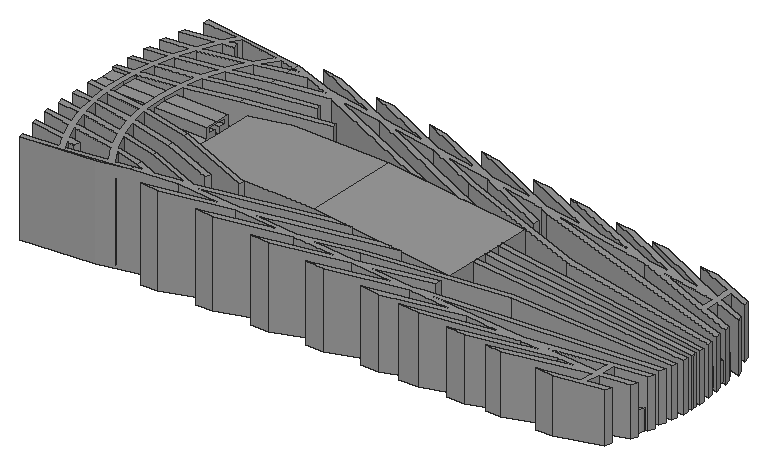
Revit family "Superstreet 250", category Осветительные приборы, Revit 2017 (continued)
Types (11, lengths in mm): name | built-in parameter 1150134 | Файл фотометрической сетки | built-in parameter 1150105 | Lumens | Apparent Load | built-in parameter 1150106 | built-in parameter 1150142 | Wattage | built-in parameter 1150107 | Артикул
  Superstreet 250 5.0К Ш13 | 2 | "Superstreet 250-202-LLI13-5.0K-01.ies" | 2145.1 (stored number, unit not read) | 26956 lm | 202 VA | 21.451 (stored number, unit not read) | "ISNA:LM-63-1995\r\n[TEST]LEDEL\r\n[DATA]22.11.2018\r\n[MANUFAC]LEDEL\r\n[LUMCAT]Superstreet 250/202/Ш13/5.0K/01\r\n[LUMINAIRE]Для освещения дорог категорий А и Б, городских улиц и площадей\r\n[LAMPCAT]LED\r\n[LAMP]OSRAM OSLON SQUARE3\r\nTILT=NONE\r\n\r\n1 26956 1.41918500579 37 37 1 2 0.636 0.256 0.100\r\n1 1 202\r\n\r\n0 2.5 5 7.5 10 12.5 15 17.5 20 22.5 25 27.5 30 32.5 35 37.5 40 42.5 45 47.5\r\n 50 52.5 55 57.5 60 62.5 65 67.5 70 72.5 75 77.5 80 82.5 85 87.5 90\r\n\r\n90 95 100 105 110 115 120 125 130 135 140 145 150 155 160 165 170 175 180\r\n 185 190 195 200 205 210 215 220 225 230 235 240 245 250 255 260 265 270\r\n\r\n  6235 5721 5230 4749 4277 3754 3242 2810 2529 2300 2116 1966 1809 1658 1539\r\n  1403 1314 1189 1073 1066 1246 1261 1126 1039 1021 1006 1013 1017 953 799\r\n  548 379 226 121 53 27 23\r\n  6175 5646 5170 4701 4217 3699 3174 2780 2484 2285 2094 1951 1786 1640 1531\r\n  1403 1284 1171 1051 1107 1246 1216 1111 1024 991 1006 1013 999 901 766\r\n  511 349 211 106 38 31 16\r\n  6235 5721 5223 4776 4292 3774 3234 2817 2514 2288 2094 1951 1816 1681 1546\r\n  1426 1276 1148 1066 1062 1216 1231 1111 1024 1006 1006 1006 1006 938 784\r\n  571 379 256 136 46 27 8\r\n  6416 5886 5403 4956 4487 4026 3489 2997 2672 2431 2221 2056 1899 1771 1621\r\n  1475 1336 1216 1103 1024 1141 1264 1156 1036 968 964 991 953 901 781\r\n  593 376 263 139 61 19 16\r\n  6258 5743 5290 4839 4397 3936 3399 2975 2642 2431 2229 2060 1899 1768 1629\r\n  1471 1314 1216 1096 1051 1103 1216 1171 1036 961 931 916 901 863 766\r\n  638 451 263 132 46 27 23\r\n  6416 5908 5455 5031 4592 4164 3677 3204 2837 2597 2364 2195 2034 1880 1726\r\n  1591 1441 1291 1178 1051 1013 1111 1141 1073 976 886 841 852 811 766\r\n  676 514 316 136 53 27 16\r\n  6378 5901 5463 5038 4637 4221 3759 3294 2912 2645 2446 2266 2116 1951 1801\r\n  1651 1486 1328 1208 1099 1006 1006 1058 1051 976 901 796 732 721 691\r\n  631 514 316 151 61 31 8\r\n 6281 5833 5433 5061 4675 4299 3887 3455 3054 2769 2552 2386 2206 2045 1884\r\n  1715 1554 1385 1231 1114 1028 961 961 961 916 859 781 706 631 589\r\n  518 421 241 121 46 31 16\r\n  6326 5920 5515 5169 4817 4472 4090 3672 3294 2960 2709 2522 2341 2153 1996\r\n  1816 1651 1493 1336 1189 1066 976 931 886 848 811 751 679 608 529\r\n  466 361 218 121 46 31 31\r\n   6371 5976 5620 5271 4967 4652 4315 3962 3564 3212 2912 2687 2469 2296 2124\r\n  1951 1786 1610 1456 1294 1171 1036 938 856 796 766 713 676 593 526\r\n  443 323 196 106 46 31 31\r\n  6386 6036 5710 5399 5095 4821 4555 4236 3925 3579 3219 2957 2702 2491 2296\r\n  2120 1951 1786 1599 1430 1269 1118 968 859 781 721 683 634 586 481\r\n  383 271 166 102 46 31 31\r\n  6386 6066 5793 5523 5268 5031 4787 4532 4262 3977 3632 3294 3002 2762 2537\r\n  2356 2146 1955 1771 1610 1411 1261 1081 934 826 743 683 642 571 488\r\n  383 271 181 106 46 34 31\r\n  6483 6201 5943 5691 5470 5245 5043 4821 4615 4371 4105 3812 3512 3200 2934\r\n  2690 2454 2225 2034 1823 1614 1426 1216 1062 946 856 788 706 616 511\r\n  383 274 181 109 46 42 38\r\n  6476 6228 6003 5808 5628 5459 5283 5103 4915 4727 4502 4281 4037 3782 3497\r\n  3215 2964 2705 2454 2210 1966 1726 1501 1318 1193 1126 1058 961 826 634\r\n  443 301 203 121 61 46 46\r\n  6416 6231 6048 5913 5763 5643 5493 5373 5238 5079 4937 4772 4570 4386 4172\r\n  3951 3714 3452 3182 2897 2604 2318 2071 1895 1816 1778 1771 1610 1238 769\r\n  443 301 203 121 91 46 38\r\n  6461 6318 6183 6078 5973 5883 5793 5691 5583 5489 5343 5223 5088 4914 4742\r\n  4566 4390 4187 3955 3695 3444 3200 3017 2882 2867 2949 2987 2717 1989 1080\r\n  541 304 173 109 91 49 46\r\n  6483 6393 6303 6250 6198 6138 6093 6036 5973 5909 5823 5736 5628 5500 5380\r\n  5238 5088 4937 4742 4521 4300 4101 3947 3857 3887 4097 4375 4412 3564 2074\r\n  923 379 211 136 98 61 53\r\n  6528 6468 6438 6408 6393 6408 6393 6393 6393 6390 6333 6303 6228 6138 6018\r\n  5901 5763 5590 5395 5196 4967 4791 4682 4622 4712 5021 5485 5643 4660 2786\r\n  1223 491 263 151 106 84 46\r\n  6528 6540 6558 6588 6663 6738 6798 6858 6918 6975 7008 7038 7046 6993 6948\r\n  6873 6791 6663 6543 6405 6303 6288 6363 6528 6821 7409 8171 8205 6371 3474\r\n  1081 391 226 151 113 91 46\r\n  6528 6558 6626 6708 6813 6907 7053 7173 7308 7413 7534 7639 7729 7789 7804\r\n  7804 7759 7714 7661 7579 7556 7612 7759 8047 8531 9322 10280 10576 8967 5519\r\n  2049 549 263 199 151 121 98\r\n  6483 6577 6708 6858 7023 7173 7353 7564 7744 7931 8134 8317 8479 8614 8704\r\n  8749 8764 8719 8644 8569 8509 8542 8666 8924 9387 10140 11120 11585 10205 6656\r\n  2754 755 271 207 166 132 98\r\n  6461 6618 6768 6952 7158 7387 7631 7882 8134 8354 8629 8873 9094 9289 9402\r\n  9458 9454 9364 9184 9001 8824 8719 8734 8869 9222 9907 10902 11570 10595 7253\r\n  3099 845 316 226 181 136 121\r\n  6416 6618 6813 7042 7301 7567 7864 8152 8456 8737 9012 9289 9514 9713 9829\r\n  9868 9792 9612 9364 9072 8824 8655 8576 8644 8877 9341 10107 10692 10040 7233\r\n  3317 917 301 211 136 117 91\r\n  6476 6708 6963 7237 7549 7864 8179 8486 8809 9105 9387 9653 9882 10040 10085\r\n  10051 9882 9612 9304 9001 8726 8539 8389 8284 8194 8089 8074 7793 6446 3864\r\n  1584 624 331 192 121 91 61\r\n   6483 6760 7076 7387 7736 8062 8404 8726 9064 9341 9612 9833 10025 10145 10152\r\n  10055 9837 9514 9177 8791 8419 8040 7564 6938 6168 5362 4675 4080 3039 1664\r\n  758 432 278 132 76 57 46\r\n  6386 6720 7038 7390 7766 8134 8471 8804 9139 9413 9657 9893 10009 10133 10152\r\n  10040 9799 9421 8944 8400 7736 6934 5890 4822 3917 3220 2784 2431 1914 1213\r\n  706 462 316 196 121 106 91\r\n  6386 6742 7128 7537 7916 8302 8666 8989 9297 9559 9754 9949 10062 10100 10002\r\n  9777 9372 8795 8074 7151 6010 4822 3842 3123 2612 2218 1906 1633 1246 852\r\n  608 481 368 211 106 57 31\r\n  6371 6760 7166 7574 7991 8392 8749 9053 9327 9574 9769 9908 9987 9926 9777\r\n  9417 8839 7988 6888 5572 4322 3381 2717 2271 1921 1674 1479 1276 968 706\r\n  586 514 361 192 61 42 38\r\n  6326 6760 7218 7657 8074 8482 8824 9117 9372 9585 9769 9874 9874 9739 9417\r\n  8885 8051 6871 5515 4275 3317 2650 2206 1899 1666 1493 1374 1183 916 702\r\n  586 481 361 211 106 46 38\r\n  6281 6742 7218 7675 8104 8516 8869 9143 9372 9574 9717 9784 9709 9496 9049\r\n  8307 7211 5881 4570 3547 2792 2293 1959 1723 1554 1438 1276 1062 826 627\r\n  511 387 301 174 98 42 31\r\n  6378 6895 7421 7912 8359 8737 9042 9266 9477 9596 9657 9589 9402 8997 8299\r\n  7216 5883 4593 3594 2875 2356 2004 1764 1618 1464 1306 1118 897 698 541\r\n  436 304 226 132 91 46 23\r\n  6416 6914 7458 7931 8359 8722 9004 9248 9424 9559 9567 9454 9154 8604 7729\r\n  6488 5163 4027 3212 2608 2184 1888 1711 1550 1396 1216 1021 807 623 481\r\n  361 271 196 106 61 31 16\r\n 6258 6787 7323 7822 8269 8647 8944 9199 9349 9469 9477 9357 9019 8435 7503\r\n  6286 4990 3895 3099 2548 2139 1876 1689 1531 1359 1171 968 781 571 439\r\n  316 249 181 121 76 42 31\r\n  6416 6959 7519 8032 8456 8782 9049 9244 9387 9431 9349 9129 8644 7898 6821\r\n  5569 4427 3517 2874 2425 2064 1846 1636 1471 1299 1126 916 717 548 391\r\n  293 211 151 114 61 27 16\r\n  6235 6805 7368 7886 8336 8707 8982 9199 9327 9379 9304 9061 8599 7793 6678\r\n  5430 4277 3381 2747 2293 1981 1771 1591 1419 1246 1062 871 676 511 372\r\n  286 211 143 106 53 31 16\r\n  6175 6727 7301 7822 8291 8659 8929 9143 9304 9364 9289 9061 8606 7827 6716\r\n  5460 4315 3400 2769 2331 2004 1783 1599 1441 1246 1062 871 680 518 376\r\n  293 222 181 109 53 46 38\r\n  6235 6802 7361 7897 8336 8707 8967 9158 9304 9357 9267 8986 8486 7647 6521\r\n  5280 4172 3333 2717 2293 2011 1798 1614 1430 1261 1066 871 669 518 376\r\n  286 211 151 94 53 31 31\r\n" | 181.471 W | 5000 (stored number, unit not read) | "305110"
  Superstreet 250 4.0К Ш22 | 12 | "Superstreet 250-202-LLI22-4.0K-01.ies" | 2106.6 (stored number, unit not read) | 26472 lm | 202 VA | 21.066 (stored number, unit not read) | "ISNA:LM-63-1995\r\n[TEST]LEDEL\r\n[DATA]28.05.2018\r\n[MANUFAC]LEDEL\r\n[LUMCAT]Superstreet 250/202/Ш22/4.0K/01\r\n[LUMINAIRE]Для освещения дорог категорий А и Б, городских улиц и площадей\r\n[LAMPCAT]LED\r\n[LAMP]OSRAM OSLON SQUARE3\r\nTILT=NONE\r\n\r\n1 26472 0.796198 37 37 1 2 0.636 0.256 0.100\r\n\r\n1 1 202\r\n\r\n0 2.5 5 7.5 10 12.5 15 17.5 20 22.5 25 27.5 30 32.5 35 37.5 40 42.5 45 47.5\r\n50 52.5 55 57.5 60 62.5 65 67.5 70 72.5 75 77.5 80 82.5 85 87.5 90\r\n\r\n90 95 100 105 110 115 120 125 130 135 140 145 150 155 160 165 170 175 180\r\n 185 190 195 200 205 210 215 220 225 230 235 240 245 250 255 260 265 270\r\n\r\n  8396 8494 8554 8644 8734 8846 8944 9038 9094 9229 9387 9574 9784 10043 10377\r\n  10857 11413 11724 11533 11050 10130 7762 4877 3393 2574 1929 1366 999 781 646\r\n  511 372 271 151 106 91 53\r\n  8374 8464 8539 8584 8689 8791 8884 8974 9064 9158 9297 9484 9694 9953 10242\r\n  10658 11202 11630 11660 11293 10572 8838 5898 3791 2724 2091 1501 1062 811 676\r\n  526 387 286 192 121 91 61\r\n  8359 8464 8539 8584 8674 8779 8877 8963 9049 9139 9259 9469 9657 9893 10182\r\n  10568 11082 11589 11743 11488 10850 9400 6626 4211 2912 2214 1636 1164 886 702\r\n  548 425 301 222 136 114 61\r\n  8336 8452 8539 8584 8659 8749 8854 8936 9034 9124 9237 9413 9634 9851 10167\r\n  10553 11082 11652 11900 11672 11112 9869 7166 4486 3009 2293 1681 1194 878 706\r\n  586 447 346 249 143 106 76\r\n  8381 8467 8539 8591 8674 8756 8839 8929 9004 9094 9229 9383 9574 9833 10152\r\n  10538 11067 11671 11998 11818 11278 10244 7766 4805 3137 2331 1666 1122 841 687\r\n  541 432 316 207 128 91 61\r\n  8329 8449 8509 8569 8636 8722 8817 8884 8974 9053 9154 9319 9499 9743 10025\r\n  10400 10857 11412 11915 12002 11645 10956 9364 6445 3977 2609 1794 1224 901 721\r\n  608 481 376 282 188 136 106\r\n  8359 8460 8501 8565 8636 8719 8802 8873 8929 9038 9147 9304 9469 9702 9972\r\n  10298 10700 11265 11893 12137 11818 11170 9844 6783 3842 2391 1606 1137 878 706\r\n  593 462 331 226 143 106 91\r\n  8336 8426 8494 8554 8614 8681 8779 8812 8899 8989 9087 9229 9387 9563 9799\r\n  10076 10445 10932 11570 12129 12215 11807 11045 9307 6048 3191 1839 1288 968 781\r\n  616 481 368 249 166 121 98\r\n  8374 8452 8501 8554 8599 8674 8734 8809 8877 8974 9064 9169 9297 9469 9672\r\n  9956 10355 10770 11353 11997 12410 12257 11728 10788 8344 4416 2101 1356 1021 792\r\n  623 466 346 222 143 106 91\r\n  8344 8415 8471 8516 8569 8629 8674 8749 8809 8888 8989 9068 9169 9308 9529\r\n  9833 10190 10557 11022 11671 12395 12771 12591 11995 10595 7073 3287 1719 1163 882\r\n  676 477 331 226 151 121 98\r\n  8344 8419 8479 8497 8554 8614 8659 8719 8779 8827 8907 8978 9064 9203 9409\r\n  9686 9994 10347 10730 11228 11915 12744 13318 13262 12606 10987 7954 4344 2079 1186\r\n  848 601 428 297 218 139 121\r\n  8374 8449 8471 8505 8554 8614 8659 8719 8779 8836 8892 8974 9072 9218 9462\r\n  9731 10032 10373 10745 11217 11840 12676 13543 13926 13483 12150 9942 6855 3767 1874\r\n  1036 669 436 301 211 151 121\r\n  8374 8407 8464 8475 8494 8550 8584 8644 8704 8737 8787 8839 8959 9094 9327\r\n  9596 9882 10208 10602 11085 11593 12215 12913 13648 13889 13128 11435 9131 6513 3784\r\n  1816 894 518 339 218 174 136\r\n  8374 8407 8449 8475 8494 8509 8569 8614 8659 8681 8734 8797 8884 9053 9297\r\n  9548 9822 10148 10535 10973 11450 11937 12455 12988 13416 13379 12463 10759 8606 5863\r\n  3309 1544 691 391 278 211 166\r\n  8374 8389 8419 8449 8464 8482 8539 8569 8614 8617 8651 8722 8832 8978 9207\r\n  9454 9717 10016 10400 10815 11308 11817 12328 12804 13131 13187 12778 11726 10032 7412\r\n  4637 2294 931 447 286 222 188\r\n  8374 8389 8404 8419 8449 8464 8494 8539 8546 8554 8599 8674 8802 8959 9162\r\n  9398 9679 9998 10370 10755 11240 11776 12380 12988 13446 13521 13146 12273 10775 8006\r\n  4697 1987 796 421 271 207 151\r\n  8374 8397 8389 8404 8404 8426 8464 8490 8486 8509 8546 8625 8719 8873 9057\r\n  9259 9529 9833 10197 10595 11067 11611 12238 12909 13483 13746 13453 12483 10857 8029\r\n  4465 1852 751 414 286 211 188\r\n  8381 8389 8374 8374 8374 8392 8411 8419 8419 8452 8479 8557 8674 8824 8989\r\n  9203 9454 9728 10077 10478 10940 11472 12073 12657 13116 13232 12741 11471 9529 6505\r\n  3249 1307 616 387 278 211 181\r\n  8381 8377 8359 8344 8344 8344 8359 8344 8344 8374 8404 8467 8569 8719 8877\r\n  9064 9312 9596 9934 10313 10775 11280 11818 12324 12606 12512 11833 10529 8651 5912\r\n  3084 1296 616 379 278 211 196\r\n  8381 8374 8336 8310 8284 8254 8246 8242 8216 8209 8216 8254 8306 8404 8539\r\n  8697 8899 9151 9439 9774 10137 10524 10902 11237 11338 11097 10445 9378 7954 6106\r\n  4090 2277 1111 541 293 196 128\r\n  8374 8344 8306 8284 8239 8197 8179 8149 8104 8085 8089 8096 8141 8209 8291\r\n  8419 8614 8806 9042 9301 9544 9777 9949 9979 9769 9311 8539 7566 6356 4823\r\n  3249 1947 1021 488 271 181 128\r\n  8374 8317 8284 8239 8201 8149 8104 8059 7999 7957 7961 7954 7954 7980 8044\r\n  8130 8239 8374 8509 8644 8749 8794 8749 8632 8359 7901 7316 6554 5575 4201\r\n  2792 1692 908 439 256 181 136\r\n  8374 8314 8254 8209 8141 8085 8029 7969 7901 7834 7789 7744 7729 7729 7736\r\n  7789 7811 7867 7916 7924 7916 7834 7684 7447 7098 6674 6085 5240 4262 3082\r\n  1906 1061 593 316 203 139 121\r\n  8374 8314 8239 8171 8089 8044 7961 7882 7804 7710 7616 7549 7496 7473 7443\r\n  7398 7398 7413 7391 7327 7211 7038 6806 6528 6175 5691 4960 4084 3107 2059\r\n  1163 679 436 274 188 139 106\r\n  8374 8299 8224 8145 8059 7984 7886 7789 7669 7552 7443 7349 7293 7233 7166\r\n  7117 7076 7023 6911 6760 6558 6321 6055 5733 5275 4588 3782 2859 1966 1283\r\n  788 526 368 256 181 132 106\r\n  8374 8299 8209 8119 8029 7909 7811 7702 7556 7420 7308 7203 7128 7053 6978\r\n  6903 6813 6712 6551 6340 6115 5853 5568 5211 4600 3789 2852 1980 1321 874\r\n  623 462 331 233 181 109 106\r\n  8344 8277 8164 8062 7961 7834 7714 7564 7443 7308 7173 7068 6978 6903 6828\r\n  6727 6581 6408 6183 5958 5710 5448 5140 4689 3910 2934 2026 1358 916 694\r\n  526 391 293 211 151 106 91\r\n  8344 8254 8149 8032 7916 7789 7639 7488 7338 7222 7098 7016 6896 6813 6723\r\n  6618 6416 6168 5935 5688 5403 5121 4757 4123 3182 2213 1509 1054 811 634\r\n  511 376 271 192 121 106 91\r\n  8374 8284 8164 8044 7894 7744 7594 7443 7301 7180 7076 6963 6873 6783 6678\r\n  6532 6311 6066 5815 5553 5290 4993 4630 4032 3039 2018 1374 983 781 631\r\n  511 376 271 196 136 106 76\r\n  8336 8242 8126 7995 7849 7675 7519 7383 7248 7143 7046 6952 6873 6760 6633\r\n  6415 6198 5920 5658 5406 5140 4806 4330 3586 2582 1688 1186 889 736 604\r\n  473 361 256 181 128 94 91\r\n  8359 8239 8119 7972 7826 7642 7481 7327 7226 7128 7046 6963 6903 6798 6641\r\n  6438 6198 5920 5673 5406 5125 4731 4232 3549 2642 1763 1193 886 721 601\r\n  473 361 271 181 121 106 91\r\n  8329 8201 8081 7931 7774 7579 7413 7293 7188 7094 7038 6963 6888 6783 6588\r\n  6393 6160 5920 5680 5391 5035 4566 3925 3136 2289 1538 1043 799 661 533\r\n  443 323 226 181 121 102 91\r\n  8381 8254 8126 7984 7811 7627 7458 7308 7211 7132 7076 7023 6948 6835 6663\r\n  6457 6235 6010 5800 5500 5133 4629 3932 3091 2221 1496 1043 799 646 526\r\n  421 316 241 181 121 94 76\r\n  8336 8224 8074 7909 7751 7555 7391 7278 7173 7128 7068 7038 6948 6828 6656\r\n  6457 6281 6108 5860 5553 5155 4629 3880 3027 2154 1433 1013 799 646 526\r\n  406 301 241 151 121 91 76\r\n  8359 8224 8074 7924 7751 7552 7391 7282 7203 7158 7113 7065 6986 6862 6663\r\n  6487 6303 6123 5868 5571 5178 4588 3805 2896 2026 1328 983 781 631 488\r\n  383 286 218 157 106 94 76\r\n  8374 8227 8104 7954 7759 7567 7406 7305 7218 7162 7136 7083 7031 6907 6746\r\n  6588 6408 6250 5988 5721 5350 4794 4000 3061 2124 1391 991 799 661 522\r\n  421 301 226 151 121 91 61\r\n  8396 8261 8134 7972 7811 7627 7443 7320 7226 7180 7128 7090 7053 6952 6783\r\n  6588 6453 6285 6040 5781 5463 4952 4187 3241 2289 1493 1043 818 676 541\r\n  421 316 241 181 121 91 91\r\n\r\n" | 178.212 W | 4000 (stored number, unit not read) | ""
